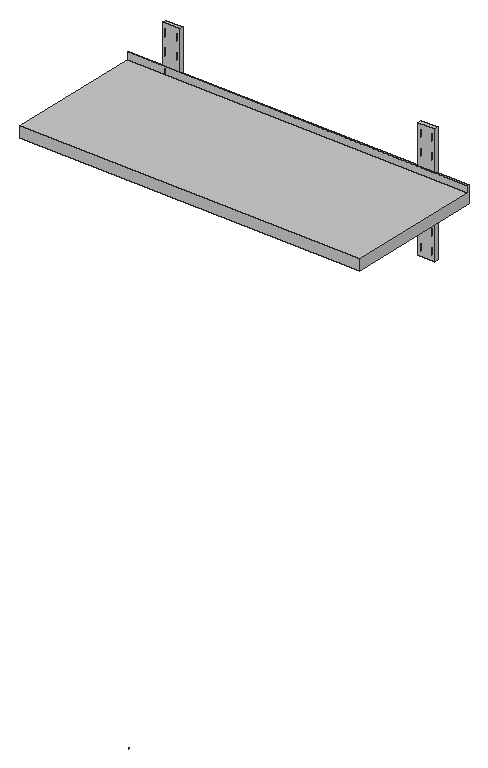
Revit family "QF_ELECTROLUXPROFESSIONAL_134148_GGWSS104", category Attrezzature speciali, Revit 2020
Family settings
  Quota connettore circolare = Usa diametro
  Tipo di parte = Normale
  Basato su piano di lavoro = No
  Sempre verticale = Sì
  Taglio con vuoti quando caricato = No
  Condiviso = No
  Punto di calcolo locali = No
Parameters (values of type "Standard")
  Weight = 6.10 kg
  Watts = 0 W
  Volts = 0 V
  URL Manufacturer = "https://www.electroluxprofessional.com/"
  URL = "https://www.electroluxprofessional.com/"
  Steam Supply Size = 0 mm
  Steam Supply Minimum Pressure = 0.0 Pa
  Steam Supply Maximum Pressure = 0.0 Pa
  Steam Consumption per Hour = 0
  Refrigeration Suction Line Size = 0.0 mm
  Refrigeration Liquid Line Size = 0.0 mm
  Refrigerant Compressor Remote = yes
  Prospetto di default = 0.0 mm
  Phase = 0
  Modello = "GGWSS104"
  Produttore = "Electrolux Professional"
  Length Actual = 1000.0 mm  # constant formula
  Item Number = "134148"
  Hot Water Size = 0 mm
  Height Actual = 350.0 mm  # constant formula
  HP = "0 HP"
  Gas Size = 0 mm
  Gas KW = 0
  Gas Input Pressure = 0 W
  Direct Waste Size = 0 mm
  Descrizione = "SOLID WALL SHELF WITH BRACKETS 1000 MM"
  Depth Actual = 415.0 mm  # constant formula
  Cycle = 0 Hz
  Condensate Return Size = 0 mm
  Compressed Air Volume = 0.0 L/s
  Compressed Air Size = 0 mm
  Compressed Air Pressure = 0.0 Pa
  Cold Water Size = 0 mm
  Accessory = yes
Reference planes
  plane 1 "Center (Front/Back)": y = 0
  plane 2: z = 0
  plane 3 "Center (Left/Right)": x = 0
  plane 4 "LEFT": x = -500
  plane 5 "RIGHT": x = 500
  plane 6 "BACK": y = 65
  plane 7 "FRONT": y = -350
  plane 8 "TOP": z = 1948
  plane 9 "base": z = 1598
  plane 10 "Ztop": z = 1815
  plane 11: x = -400
  plane 12: x = 400
Forms (mm)
  Extrusion 1, solid, material "QF_Finishes_Stainless Steel"
    sketch origin (0, 0, 0) x (0, 1, 0) y (0, 0, 1)
      loop
        line (53, 1785) -> (53, 1835) -> (51, 1835) -> (51, 1815) -> (-347.004, 1815) -> (-347.004, 1785) -> (53, 1785)
    from 500 to -500
  Extrusion 2, solid, material "QF_Finishes_Stainless Steel"
    sketch origin (0, 0, 0) x (1, 0, 0) y (0, 1, 0)
      loop
        line (-500, 53) -> (-500, 52) -> (-498.993, 52) -> (-498.993, 53) -> (-500, 53)
    from 0 to 1
Lines and regions (mm)
  symbolic lines
    curve 1: line (-500, 53, 1948) -> (-500, -347.004, 1948)
    curve 2: line (500, 53, 1948) -> (500, -347.004, 1948)
    curve 3: line (-500, 51, 1948) -> (500, 51, 1948)
    curve 4: line (500, 53, 1948) -> (-500, 53, 1948)
    curve 5: line (-500, -347.004, 1948) -> (500, -347.004, 1948)
Dimensions and locks
  plane 4 "LEFT" to plane 5 "RIGHT" = 1000.0 mm
  equal spacing: plane 4 "LEFT", plane 3 "Center (Left/Right)", plane 5 "RIGHT"
  plane 6 "BACK" to plane 7 "FRONT" = 415.0 mm
  plane 6 "BACK" to plane 1 "Center (Front/Back)" to plane 7 "FRONT" = 65.0 mm, 350.0 mm
  locked: plane 8 "TOP" to plane 9 "base" at 350
  plane 10 "Ztop" to level = 1815.0 mm
  locked: plane 10 "Ztop" to plane 8 "TOP" at 133
  locked: plane 11 to plane 4 "LEFT" at 100
  locked: plane 5 "RIGHT" to plane 12 at 100
  aligned and locked: level to plane 2
  aligned and locked: Extrusion 1 to plane 4 "LEFT"
  aligned and locked: plane 5 "RIGHT" to Extrusion 1
  aligned and locked: nested 1 to plane 11
  aligned and locked: plane 12 to nested 2
  aligned and locked: curve 3 to Extrusion 1
  aligned and locked: curve 4 to Extrusion 1
  aligned and locked: curve 5 to Extrusion 1
Automatic sketch dimensions
  plane 7 "FRONT" to Extrusion 1 sketch curve = 2.996 mm
  plane 10 "Ztop" to Extrusion 1 sketch curve = 30.0 mm
  Extrusion 1 sketch curve to plane 10 "Ztop" = 20.0 mm
  Extrusion 1 sketch curve to Extrusion 1 sketch curve = 2.0 mm
  plane 10 "Ztop" to Extrusion 1 sketch curve = 0.0 mm
  Extrusion 1 sketch curve to plane 6 "BACK" = 12.0 mm
  curve 2 to plane 5 "RIGHT" = 0.0 mm
  curve 1 to plane 4 "LEFT" = 0.0 mm
  Extrusion 2 sketch curve to plane 4 "LEFT" = 0.0 mm
  plane 4 "LEFT" to Extrusion 2 sketch curve = 1.007 mm
  Extrusion 2 sketch curve to plane 6 "BACK" = 13.0 mm
  Extrusion 2 sketch curve to Extrusion 2 sketch curve = 1.0 mm
Nested families
  nested 1: "WT_Staffa_H350" at (-385.291, -40.275, 1598), type "WT_Staffa_H350"
    with Type Mark "", Status "", Specification by User "", Revision Code "", Installed By "", Identify Quantity as Lot yes, Furnished By "", Foodservice Equipment Identifier yes
  nested 2: "WT_Staffa_H350" at (365.709, -40.275, 1598), type "WT_Staffa_H350"
    with Type Mark "", Status "", Specification by User "", Revision Code "", Installed By "", Identify Quantity as Lot yes, Furnished By "", Foodservice Equipment Identifier yes
Definition of nested family "WT_Staffa_H350"
  Parameters
    Width = 49.0 mm
    Weight = ""
    URL Manufacturer = ""
    URL Cutsheet = ""
    URL = ""
    Type Mark [instance] = ""
    Status [instance] = ""
    Specification by User [instance] = ""
    Specification by Manufacturer = ""
    Serial Number = ""
    Seismic Rating = ""
    SMACNA No = ""
    Revision Code [instance] = ""
    Default Elevation = 0.0 mm
    Omniclass Number and Title = ""
    NAFEM Spec ID Number = ""
    Model = ""
    MasterSpec. = ""
    Manufacturer = ""
    Installed By [instance] = ""
    Identify Quantity as Lot [instance] = yes
    Height = 350.0 mm
    Furnished By [instance] = ""
    Foodservice Equipment Identifier [instance] = yes
    Description = ""
    Depth = 415.0 mm
    CSI MasterFormat = ""
    CSI Master Format = ""
    Assembly Code = ""
  Reference planes
    plane 1: z = 0
    plane 2 "Center (Front/Back)": y = -102.225
    plane 3 "Center (Left/Right)": x = 9.791
    plane 4 "TOP": z = 350
    plane 5 "Back": y = 105.275
    plane 6 "Front": y = -309.725
    plane 7: x = -14.709
    plane 8: x = 34.291
  Forms (mm)
    Extrusion 1, solid
      sketch origin (0, 105.275, 0) x (0, 0, 1) y (-1, 0, 0)
        loop
          line (350, 14.709) -> (0, 14.709) -> (0, -34.291) -> (350, -34.291) -> (350, 14.709)
        loop
          line (335.5, 7.709) -> (315.5, 7.709) -> (315.5, 5.709) -> (335.5, 5.709) -> (335.5, 7.709)
        loop
          line (335.5, -25.291) -> (315.5, -25.291) -> (315.5, -27.291) -> (335.5, -27.291) -> (335.5, -25.291)
        loop
          line (285.333, 7.709) -> (265.333, 7.709) -> (265.333, 5.709) -> (285.333, 5.709) -> (285.333, 7.709)
        loop
          line (285.333, -25.291) -> (265.333, -25.291) -> (265.333, -27.291) -> (285.333, -27.291) -> (285.333, -25.291)
        loop
          line (235.167, 7.709) -> (215.167, 7.709) -> (215.167, 5.709) -> (235.167, 5.709) -> (235.167, 7.709)
        loop
          line (235.167, -25.291) -> (215.167, -25.291) -> (215.167, -27.291) -> (235.167, -27.291) -> (235.167, -25.291)
        loop
          line (185, 7.709) -> (165, 7.709) -> (165, 5.709) -> (185, 5.709) -> (185, 7.709)
        loop
          line (185, -25.291) -> (165, -25.291) -> (165, -27.291) -> (185, -27.291) -> (185, -25.291)
        loop
          line (134.833, 7.709) -> (114.833, 7.709) -> (114.833, 5.709) -> (134.833, 5.709) -> (134.833, 7.709)
        loop
          line (134.833, -25.291) -> (114.833, -25.291) -> (114.833, -27.291) -> (134.833, -27.291) -> (134.833, -25.291)
        loop
          line (34.5, 7.709) -> (14.5, 7.709) -> (14.5, 5.709) -> (34.5, 5.709) -> (34.5, 7.709)
        loop
          line (34.5, -25.291) -> (14.5, -25.291) -> (14.5, -27.291) -> (34.5, -27.291) -> (34.5, -25.291)
        loop
          line (84.667, 7.709) -> (64.667, 7.709) -> (64.667, 5.709) -> (84.667, 5.709) -> (84.667, 7.709)
        loop
          line (84.667, -25.291) -> (64.667, -25.291) -> (64.667, -27.291) -> (84.667, -27.291) -> (84.667, -25.291)
      from 0 to 12
    Extrusion 2, solid
      sketch origin (9.791, 0, 0) x (0, 1, 0) y (0, 0, 1)
        loop
          line (-283.619, 186) -> (93.275, 123.5) -> (93.275, 186) -> (-283.619, 186)
      from -24.5 to 24.5
  Lines and regions (mm)
    symbolic lines
      curve 1: line (-14.709, 105.275, 0) -> (34.291, 105.275, 0)
      curve 2: line (34.291, 105.275, 0) -> (34.291, 93.275, 0)
      curve 3: line (34.291, 93.275, 0) -> (-14.709, 93.275, 0)
      curve 4: line (-14.709, 93.275, 0) -> (-14.709, 105.275, 0)
  Dimensions and locks
    "Height": plane 4 "TOP" to level
    equal spacing: plane 5 "Back", plane 2 "Center (Front/Back)", plane 6 "Front"
    "Depth": plane 5 "Back" to plane 6 "Front"
    equal spacing: plane 8, plane 3 "Center (Left/Right)", plane 7
    "Width": plane 8 to plane 7
    aligned and locked: level to plane 1
    aligned and locked: Extrusion 2 to plane 7
    aligned and locked: plane 8 to Extrusion 2
  Automatic sketch dimensions
    Extrusion 1 sketch curve to level = 0.0 mm
    Extrusion 1 sketch curve to plane 4 "TOP" = 0.0 mm
    Extrusion 1 sketch curve to plane 8 = 0.0 mm
    Extrusion 1 sketch curve to plane 7 = 0.0 mm
    plane 7 to Extrusion 1 sketch curve = 7.0 mm  (x4)
    level to Extrusion 1 sketch curve = 14.5 mm  (x2)
    Extrusion 1 sketch curve to plane 8 = 7.0 mm  (x6)
    plane 7 to Extrusion 1 sketch curve = 9.0 mm  (x6)
    Extrusion 1 sketch curve to Extrusion 1 sketch curve = 20.0 mm  (x12)
    Extrusion 1 sketch curve to plane 8 = 9.0 mm  (x6)
    Extrusion 1 sketch curve to Extrusion 1 sketch curve = 30.167 mm  (x12)
    Extrusion 1 sketch curve to plane 4 "TOP" = 14.5 mm  (x2)
    Extrusion 1 sketch curve to Extrusion 1 sketch curve = 2.0 mm  (x6)
    Extrusion 2 sketch curve to plane 6 "Front" = 26.106 mm
    level to Extrusion 2 sketch curve = 123.5 mm
    Extrusion 2 sketch curve to plane 4 "TOP" = 164.0 mm
    plane 5 "Back" to Extrusion 2 sketch curve = 12.0 mm
    curve 3 to plane 7 = 0.0 mm
    plane 5 "Back" to curve 1 = 0.0 mm
    curve 3 to plane 8 = 0.0 mm
    curve 2 to curve 1 = 12.0 mm
